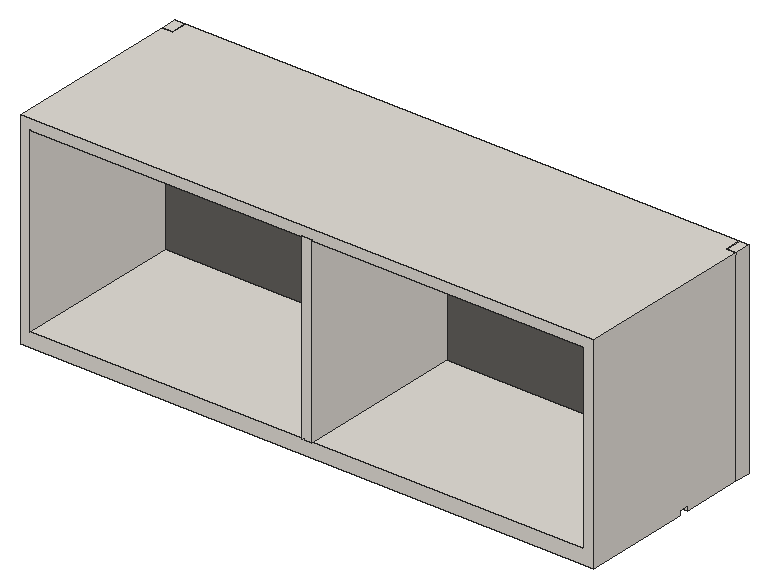
Revit family "Storage-Teknion-CEUO-Upper_Cabinet_Open-Expansion_Casework+-R2023", category Furniture, Revit 2023
Family settings
  OmniClass Number = 23.40.20.00
  OmniClass Title = General Furniture and Specialties
  Work Plane-Based = No
  Enable Cutting in Views = No
  Always vertical = Yes
  Cut with Voids When Loaded = No
  Render Appearance Source = Family Geometry
  Shared = Yes
  Room Calculation Point = No
Parameters (values of type "Open Upper Cabinet")
  Width [instance] = 42.000"
  Warranty = "http://www.teknion.com/ca/papers/legal-canada"
  Unit Weight URL = "http://www.teknion.com/ca/tools/assets#&asset=bee6a381-b954-425e-8283-5a2de3a804f2,f828d448-4b62-4231-9e5f-9a8991c0ed77"
  URL = "www.teknion.com"
  To render please download texture images found here [instance] = "https://assets.teknion.com/web/5e81352c1dfdb467/revit-material-swatches/"
  Sustainability Data = "https://www.teknion.com/ca/tools/assets#&topic=216f99a5-57a0-44fc-b10a-9dee9b29ae4c&asset=444deb64-fe58-4b68-981e-f75e97781df7,b4ff2d81-9f2e-437d-9659-7cffb09c31cf"
  Series = "Exapnsion Casework +"  # constant formula
  NOTES d) [instance] = "When Light Management (L/R) is specified, Integrated End Panel (B), (L/R) are not available"  # constant formula
  NOTES c) [instance] = "When Light Management (B) is specified, Integrated End Panel (B), (L), (R) are not available"  # constant formula
  NOTES a) [instance] = "When Width 12 or 15 with Height 15 are specified, Light Management (L) Groove Connection - Left or (R) Groove Connection - Right are not available"  # constant formula
  NOTES b) [instance] = "When Width 12, 15, 18 or 21 is specified, Light Management (X) Groove Connection - None is not available"  # constant formula
  (N) No Light Management [instance] = and(not([(B) Groove Connection Both Sides]), not([(L/R) Groove Connection One Side]), not([(X) Groove Connection - None]))  # no
  (R) End Panel - Right Side [instance] = no
  Product Page URL = "https://www.teknion.com/ca/products/product-details?productLineId=30ca1270-8e7a-673b-a6c8-ff05004460c4"
  Product Line = "Upper Cabinets"  # constant formula
  Product Documentation Link = "https://www.teknion.com/pricing/expansion-casework/pdfs/CEUO_ppg.pdf"
  Part Number = "CEUO"  # constant formula
  (X) Groove Connection - None [instance] = no
  (N) No End Panel [instance] = and(not([(B) End Panel - Both Sides]), not([(L) End Panel - Left Side]), not([(R) End Panel - Right Side]))  # no
  Model = "CEUO_________"  # constant formula
  Manufacturer Phone = "416-661-3370"  # constant formula
  Manufacturer Fax = "416.661.4586"  # constant formula
  Manufacturer Contact Information = "http://www.teknion.com/ca/contactus"
  Manufacturer Address = "1150 Flint Road, Toronto, ON. M3J 2J5. Canada"  # constant formula
  Manufacturer = "Teknion"  # constant formula
  Light Management Options [instance] = " Pick One Option Only"  # constant formula
  (L/R) Groove Connection One Side [instance] = no
  (L) End Panel - Left Side [instance] = no
  Integrated End Panel [instance] = " Pick One Option Only"  # constant formula
  How To Use Teknion Materials User Guide [instance] = "https://assets.teknion.com/m/205dd0a49fa58060/original/How-to-add-a-Material-Library-and-Texture-Images-to-your-Revit-project.pdf"
  Height [instance] = 15.000"
  For Additional Finishes please visit [instance] = "https://assets.teknion.com/m/44a8009b046e5d47/original/Teknion_Materials_Library.zip"
  Dim 2 [instance] = if(Height = 33.000", 10.850", if(Height = 36.000", 12.350", if(Height = 42.000", 15.350", 20.000")))  # 20.000"
  Dim 1 [instance] = if(Height = 33.000", 10.150", if(Height = 36.000", 11.650", if(Height = 42.000", 14.650", 21.060")))  # 21.060"
  Description = "Upper Cabinet - Open"  # constant formula
  Depth [instance] = 15.000"
  Default Elevation = 0.000"
  D [instance] = Width > 38.000"  # yes
  Case Finish [instance] = Source Laminate - Teknion - XS - Storm White
  Back Panel Finish [instance] = Veneer-Teknion-LQ-Natural_Veneer_V3-Poppy_Seed_Flat_Cut
  (B) Groove Connection Both Sides [instance] = yes
  (B) End Panel - Both Sides [instance] = yes
  Available Width [instance] = "12, 15, 18, 21, 24, 27, 30, 33, 36, 39, 42, 45, 48, 51, 54, 57 & 60 Inches"  # constant formula
  Available Height [instance] = " 15, 24, 27, 30, 33, 36 & 42 Inches"  # constant formula
  Available Depth [instance] = " 12 & 15 Inches"  # constant formula
  Assembly Code = "E2020200"
  Actual Depth [instance] = if(Depth = 12.000", 11.161", 14.161")  # 14.161"
  2 [instance] = Height > 32.000"  # no
  1 [instance] = and(Height > 23.000", Height < 31.000")  # no
Reference planes (in)
  plane 1 "Center Front/Back": y = 0
  plane 2: z = 0
  plane 3 "Center Left/Right": x = 0
  plane 4 "Left": x = -21
  plane 5 "Right": x = 21
  plane 6 "Back": y = 7.0805
  plane 7 "Front": y = -7.0805
  plane 8 "Top": z = 15
  plane 9 "1": z = 7.5
  plane 10 "2": z = -6.06
  plane 11: y = 1.16748
  plane 12 "3": z = 20
  plane 13: y = 1.16748
  plane 14: y = 1.16748
Forms (in)
  Sweep 1, solid, material "Source Laminate - Teknion - XS - Storm White" <- "Case Finish"
    path origin (0, 0, 0) x (1, 0, 0) y (0, 0, 1)
      loop
        line (0, 15) -> (0, 0)
    profile origin (0, 0, 7.5) x (0, -1, 0) y (1, 0, 0)
      loop
        line (7.0805, -21) -> (7.0805, 21) -> (-5.96239, 21) -> (-5.96239, -21) -> (7.0805, -21)
  Sweep 2, void
    path origin (0, 0, 0) x (1, 0, 0) y (0, 1, 0)
      loop
        line (0, -7.0805) -> (0, 5.96239)
    profile origin (0, -0.55906, 0) x (-1, 0, 0) y (0, 0, 1)
      loop
        line (20.29921, 14.29921) -> (-20.29921, 14.29921) -> (-20.29921, 1.01575) -> (20.29921, 1.01575) -> (20.29921, 14.29921)
  Extrusion 3, solid, material "Source Laminate - Teknion - XS - Storm White" <- "Case Finish"
    sketch origin (21, 5.96239, 15) x (0, 0, -1) y (-1, 0, 0)
      loop
        line (0.70079, 0.70079) -> (0.70079, 41.29921) -> (0, 41.29921) -> (0, 0.70079) -> (0.70079, 0.70079)
    from 0 to 1.11811
  Sweep 4, solid, material "Source Laminate - Teknion - XS - Storm White" <- "Case Finish", visible <- "2"
    path origin (0, 0, 0) x (1, 0, 0) y (0, 1, 0)
      loop
        line (0, 5.26139) -> (0, -7.0805)
    profile origin (0, -0.90956, 0) x (1, 0, 0) y (0, 0, 1)
      loop
        line (-20.29921, 19.29921) -> (20.29921, 19.29921) -> (20.29921, 20) -> (-20.29921, 20) -> (-20.29921, 19.29921)
      loop
        line (-20.29921, -6.76079) -> (20.29921, -6.76079) -> (20.29921, -6.06) -> (-20.29921, -6.06) -> (-20.29921, -6.76079)
  Sweep 5, solid, material "Source Laminate - Teknion - XS - Storm White" <- "Case Finish", visible <- "1"
    path origin (0, 0, 0) x (1, 0, 0) y (0, 1, 0)
      loop
        line (15, 5.2616) -> (15, -7.0805)
    profile origin (15, -0.90945, 0) x (1, 0, 0) y (0, 0, 1)
      loop
        line (-35.29921, 6.79921) -> (5.29921, 6.79921) -> (5.29921, 7.5) -> (-35.29921, 7.5) -> (-35.29921, 6.79921)
  Sweep 6, solid, material "Source Laminate - Teknion - XS - Storm White" <- "Case Finish", visible <- "D"
    path origin (0, 0, 0) x (1, 0, 0) y (0, 1, 0)
      loop
        line (0, 5.2616) -> (0, -7.0805)
    profile origin (0, -0.90945, 0) x (1, 0, 0) y (0, 0, 1)
      loop
        line (0.35039, 14.29921) -> (-0.35039, 14.29921) -> (-0.35039, 1.01575) -> (0.35039, 1.01575) -> (0.35039, 14.29921)
  Sweep 7, solid, material "Source Laminate - Teknion - XS - Storm White" <- "Case Finish", visible <- "(L) End Panel - Left Side"
    path origin (0, 0, 0) x (1, 0, 0) y (0, 0, 1)
      loop
        line (0, 15) -> (0, 0)
    profile origin (0, 0, 7.5) x (0, -1, 0) y (1, 0, 0)
      loop
        line (-7.0805, -21) -> (-5.96239, -21) -> (-5.96239, -20.29921) -> (-7.0805, -20.29921) -> (-7.0805, -21)
  Sweep 8, solid, material "Source Laminate - Teknion - XS - Storm White" <- "Case Finish", visible <- "(R) End Panel - Right Side"
    path origin (0, 0, 0) x (-1, 0, 0) y (0, 0, -1)
      loop
        line (0, -15) -> (0, 0)
    profile origin (0, 0, 7.5) x (0, -1, 0) y (1, 0, 0)
      loop
        line (-7.0805, 21) -> (-7.0805, 20.29921) -> (-5.96239, 20.29921) -> (-5.96239, 21) -> (-7.0805, 21)
  Sweep 9, void
    path origin (0, 0, 0) x (1, 0, 0) y (0, 0, 1)
      loop
        line (0, 0) -> (0, 0.33465)
    profile origin (0, 0, 0.16732) x (-1, 0, 0) y (0, -1, 0)
      loop
        arc (18.445, -1.5415) -> (18.81902, -1.16748) -> (18.445, -0.79347) r 0.37402
        line (18.445, -0.79347) -> (-21, -0.79347) -> (-21, -1.5415) -> (18.445, -1.5415)
  Sweep 10, solid, material "Source Laminate - Teknion - XS - Storm White" <- "Case Finish", visible <- "(B) End Panel - Both Sides"
    path origin (0, 2.75, 0) x (1, 0, 0) y (0, 0, 1)
      loop
        line (0, 15) -> (0, 0)
    profile origin (0, 2.75, 7.5) x (0, -1, 0) y (1, 0, 0)
      loop
        line (-4.3305, -21) -> (-3.21239, -21) -> (-3.21239, -20.29921) -> (-4.3305, -20.29921) -> (-4.3305, -21)
      loop
        line (-4.3305, 21) -> (-4.3305, 20.29921) -> (-3.21239, 20.29921) -> (-3.21239, 21) -> (-4.3305, 21)
  Sweep 11, solid, material "Veneer-Teknion-LQ-Natural_Veneer_V3-Poppy_Seed_Flat_Cut" <- "Back Panel Finish"
    path origin (0, 0, 0) x (1, 0, 0) y (0, 0, 1)
      loop
        line (0, 14.29921) -> (0, 1.01575)
    profile origin (0, 0, 7.65748) x (0, -1, 0) y (1, 0, 0)
      loop
        line (-5.96239, -20.29921) -> (-5.26139, -20.29921) -> (-5.26139, 20.29921) -> (-5.96239, 20.29921) -> (-5.96239, -20.29921)
  Sweep 12, void
    path origin (0, -2.75, 0) x (1, 0, 0) y (0, 0, 1)
      loop
        line (0, 0) -> (0, 0.33465)
    profile origin (0, -2.75, 0.16732) x (-1, 0, 0) y (0, -1, 0)
      loop
        arc (18.445, -4.2915) -> (18.81902, -3.91748) -> (18.445, -3.54347) r 0.37402
        line (18.445, -3.54347) -> (-18.445, -3.54347)
        arc (-18.445, -3.54347) -> (-18.81902, -3.91748) -> (-18.445, -4.2915) r 0.37402
        line (-18.445, -4.2915) -> (18.445, -4.2915)
  Sweep 13, void
    path origin (0, 0, 0) x (1, 0, 0) y (0, 0, 1)
      loop
        line (0, 0) -> (0, 0.33465)
    profile origin (0, 0, 0.16732) x (-1, 0, 0) y (0, -1, 0)
      loop
        line (21, -1.5415) -> (21, -0.79347) -> (-21, -0.79347) -> (-21, -1.5415) -> (21, -1.5415)
Cuts and joins
  Sweep 2, Sweep 9, Sweep 12, Sweep 13 cuts Sweep 1
  Sweep 9, Sweep 12, Sweep 13 cuts Extrusion 3
  joined: Sweep 1, Extrusion 3
Lines and regions (in)
  Masking region 1, visible <- "(B) End Panel - Both Sides"
    outline origin (0, 0, 0) x (1, 0, 0) y (0, 1, 0)
      loop
        line (-21, 7.0805) -> (-21, -7.0805) -> (21, -7.0805) -> (21, 7.0805) -> (-21, 7.0805)
  Masking region 2, visible <- "(N) No End Panel"
    outline origin (0, 0, 0) x (1, 0, 0) y (0, 1, 0)
      loop
        line (-21, 5.96239) -> (-21, -7.0805) -> (21, -7.0805) -> (21, 5.96239) -> (20.29921, 5.96239) -> (20.29921, 7.0805) -> (-20.29921, 7.0805) -> (-20.29921, 5.96239) -> (-21, 5.96239)
  Masking region 3, visible <- "(L) End Panel - Left Side"
    outline origin (0, 0, 0) x (1, 0, 0) y (0, 1, 0)
      loop
        line (-21, 7.0805) -> (-21, -7.0805) -> (21, -7.0805) -> (21, 5.96239) -> (20.29921, 5.96239) -> (20.29921, 7.0805) -> (-21, 7.0805)
  Masking region 4, visible <- "(R) End Panel - Right Side"
    outline origin (0, 0, 0) x (1, 0, 0) y (0, 1, 0)
      loop
        line (21, -7.0805) -> (21, 7.0805) -> (-20.29921, 7.0805) -> (-20.29921, 5.96239) -> (-21, 5.96239) -> (-21, -7.0805) -> (21, -7.0805)
  symbolic lines, style "FurnitureHiddenLines", detail levels medium+fine
    curve 1: line (20.29921, -7.0805, 0) -> (20.29921, 7.0805, 0)
    curve 3: line (-20.29921, 5.26139, 0) -> (20.29921, 5.26139, 0)
    curve 4: line (-20.29921, 5.26139, 0) -> (20.29921, 5.26139, 0)
    curve 9: line (-20.29921, 7.0805, 0) -> (-20.29921, -7.0805, 0)
  symbolic lines, style "FurnitureHiddenLines", visible <- "(B) End Panel - Both Sides", detail levels medium+fine
    curve 2: line (-20.29921, 7.0805, 0) -> (-20.29921, -7.0805, 0)
  symbolic lines, style "FurnitureHiddenLines", visible <- "(N) No End Panel"
    curve 5: line (-20.29921, 5.26139, 0) -> (-20.29921, -7.0805, 0)
    curve 6: line (20.29921, -7.0805, 0) -> (20.29921, 5.26139, 0)
  symbolic lines, style "FurnitureHiddenLines", visible <- "D", detail levels medium+fine
    curve 7: line (-0.35039, 5.26139, 0) -> (-0.35039, -7.0805, 0)
    curve 8: line (0.35039, -7.0805, 0) -> (0.35039, 5.26139, 0)
  symbolic lines, style "FurnitureHiddenLines", not visible
    curve 10: line (20.29921, -7.0805, 0) -> (20.29921, 7.0805, 0)
  symbolic lines, style "FurnitureHiddenLines", visible <- "(X) Groove Connection - None"
    curve 11: line (18.445, 1.5415, 0) -> (-18.445, 1.5415, 0)
    curve 12: arc (-18.445, 1.5415, 0) -> (-18.81902, 1.16748, 0) -> (-18.445, 0.79347, 0) r 0.37402
    curve 13: line (-18.445, 0.79347, 0) -> (18.445, 0.79347, 0)
    curve 14: arc (18.445, 0.79347, 0) -> (18.81902, 1.16748, 0) -> (18.445, 1.5415, 0) r 0.37402
  symbolic lines, style "FurnitureHiddenLines", visible <- "(L/R) Groove Connection One Side"
    curve 15: line (21, 1.5415, 0) -> (-18.445, 1.5415, 0)
    curve 16: arc (-18.445, 1.5415, 0) -> (-18.81902, 1.16748, 0) -> (-18.445, 0.79347, 0) r 0.37402
    curve 17: line (-18.445, 0.79347, 0) -> (21, 0.79347, 0)
  reference lines
    curve 18: line (-21, 7.0805, 0) -> (-21, -7.0805, 0)
    curve 19: line (-21, -7.0805, 0) -> (21, -7.0805, 0)
    curve 20: line (21, -7.0805, 0) -> (21, 7.0805, 0)
    curve 21: line (21, 7.0805, 0) -> (-21, 7.0805, 0)
  symbolic lines, style "FurnitureHiddenLines", visible <- "(B) Groove Connection Both Sides", detail levels medium+fine
    curve 22: line (21, 1.5415, 0) -> (-21, 1.5415, 0)
    curve 23: line (-21, 0.79347, 0) -> (21, 0.79347, 0)
Dimensions and locks (in)
  "Width": plane 4 "Left" to plane 5 "Right"
  "Actual Depth": plane 6 "Back" to plane 7 "Front"
  "Height": plane 8 "Top" to level
  locked: plane 6 "Back" to Sweep 1 sketch curve at 1.11811
  locked: plane 6 "Back" to Sweep 2 sketch curve at 1.11811
  locked: Sweep 2 sketch curve to plane 4 "Left" at 0.70079
  locked: Sweep 2 sketch curve to plane 5 "Right" at 0.70079
  locked: Sweep 2 sketch curve to plane 2 at 1.01575
  locked: Extrusion 3 sketch curve to plane 4 "Left" at 0.70079
  locked: Extrusion 3 sketch curve to plane 5 "Right" at 0.70079
  locked: plane 8 "Top" to Extrusion 3 sketch curve at 0.70079
  equal spacing: plane 4 "Left", plane 3 "Center Left/Right", plane 5 "Right"
  equal spacing: plane 6 "Back", plane 1 "Center Front/Back", plane 7 "Front"
  locked: plane 8 "Top" to Sweep 2 sketch curve at 0.70079
  locked: Sweep 4 sketch curve to plane 4 "Left" at 0.70079  (x2)
  locked: plane 5 "Right" to Sweep 4 sketch curve at 0.70079
  locked: Sweep 5 sketch curve to plane 4 "Left" at 0.70079
  locked: Sweep 5 sketch curve to plane 5 "Right" at 0.70079
  equal spacing: plane 8 "Top", plane 9 "1", plane 2
  locked: plane 9 "1" to Sweep 5 sketch curve at 0.70079
  locked: plane 10 "2" to Sweep 4 sketch curve at 0.70079
  locked: Sweep 4 sketch curve to plane 5 "Right" at 0.70079
  locked: plane 6 "Back" to Sweep 6 sketch curve at 1.8189
  Sweep 6 sketch curve to plane 3 "Center Left/Right" to Sweep 6 sketch curve = 0.35039" locked, 0.35039" locked
  locked: Sweep 6 sketch curve to plane 2 at 1.01575
  locked: Sweep 9 sketch curve to plane 2 at 0.33465
  locked: plane 4 "Left" to Sweep 9 sketch curve at 2.555
  locked: plane 6 "Back" to plane 11 at 5.91302
  Sweep 9 sketch curve to plane 11 to Sweep 9 sketch curve = 0.37402" locked, 0.37402" locked
  locked: plane 8 "Top" to Sweep 11 sketch curve at 0.70079
  locked: Sweep 11 sketch curve to plane 2 at 1.01575
  plane 6 "Back" to Sweep 11 sketch curve to Sweep 11 sketch curve = 1.11811" locked, 0.701" locked
  locked: plane 4 "Left" to Sweep 11 sketch curve at 0.70079
  locked: Sweep 11 sketch curve to plane 5 "Right" at 0.70079
  "Dim 1": plane 8 "Top" to plane 10 "2"
  "Dim 2": plane 12 "3" to plane 2
  Sweep 12 sketch curve to plane 13 to Sweep 12 sketch curve = 0.37402" locked, 0.37402" locked
  locked: plane 4 "Left" to Sweep 12 sketch curve at 2.555
  locked: Sweep 12 sketch curve to plane 5 "Right" at 2.555
  locked: plane 6 "Back" to plane 13 at 5.91302
  Sweep 13 sketch curve to plane 14 to Sweep 13 sketch curve = 0.37402" locked, 0.37402" locked
  locked: plane 6 "Back" to plane 14 at 5.91302
  locked: Sweep 13 sketch curve to plane 2 at 0.33465
  locked: Sweep 12 sketch curve to plane 2 at 0.33465
  locked: plane 12 "3" to Sweep 4 sketch curve at 0.70079
  locked: plane 3 "Center Left/Right" to Sweep 5 sketch curve at 15
  locked: plane 6 "Back" to Sweep 5 sketch curve at 1.8189
  locked: plane 6 "Back" to Sweep 4 sketch curve at 1.81911
  aligned and locked: level to plane 2
  aligned and locked: Sweep 1 sketch curve to plane 3 "Center Left/Right"
  aligned and locked: plane 2 to Sweep 1 sketch curve
  aligned and locked: plane 8 "Top" to Sweep 1 sketch curve
  aligned and locked: Sweep 1 sketch curve to plane 7 "Front"
  aligned and locked: plane 4 "Left" to Sweep 1 sketch curve
  aligned and locked: plane 5 "Right" to Sweep 1 sketch curve
  aligned and locked: plane 3 "Center Left/Right" to Sweep 2 sketch curve
  aligned and locked: plane 7 "Front" to Sweep 2 sketch curve
  aligned and locked: Extrusion 3 sketch curve to plane 8 "Top"
  aligned and locked: plane 7 "Front" to Sweep 4 sketch curve
  aligned and locked: Sweep 4 sketch curve to plane 3 "Center Left/Right"
  aligned and locked: Sweep 5 sketch curve to plane 9 "1"
  aligned and locked: Sweep 4 sketch curve to plane 10 "2"
  aligned and locked: Sweep 6 sketch curve to plane 3 "Center Left/Right"
  aligned and locked: plane 7 "Front" to Sweep 6 sketch curve
  aligned and locked: cut or joined group of Sweep 1, Sweep 2, Extrusion 3, Sweep 9, Sweep 12, Sweep 13 to Sweep 6 sketch curve
  aligned and locked: Sweep 7 sketch curve to plane 3 "Center Left/Right"
  aligned and locked: plane 8 "Top" to Sweep 7 sketch curve
  aligned and locked: plane 2 to Sweep 7 sketch curve
  aligned and locked: cut or joined group of Sweep 1, Sweep 2, Extrusion 3, Sweep 9, Sweep 12, Sweep 13 to Sweep 7 sketch curve
  aligned and locked: Sweep 7 sketch curve to cut or joined group of Sweep 1, Sweep 2, Extrusion 3, Sweep 9, Sweep 12, Sweep 13
  aligned and locked: Sweep 7 sketch curve to plane 6 "Back"
  aligned and locked: plane 4 "Left" to Sweep 7 sketch curve
  aligned and locked: Sweep 8 sketch curve to cut or joined group of Sweep 1, Sweep 2, Extrusion 3, Sweep 9, Sweep 12, Sweep 13  (x2)
  aligned and locked: Sweep 8 sketch curve to plane 5 "Right"
  aligned and locked: plane 6 "Back" to Sweep 8 sketch curve
  aligned and locked: plane 3 "Center Left/Right" to Sweep 9 sketch curve
  aligned and locked: plane 2 to Sweep 9 sketch curve
  aligned and locked: Sweep 9 sketch curve to plane 5 "Right"
  aligned and locked: Sweep 10 sketch curve to plane 6 "Back"
  aligned and locked: plane 4 "Left" to Sweep 10 sketch curve
  aligned and locked: Sweep 10 sketch curve to cut or joined group of Sweep 1, Sweep 2, Extrusion 3, Sweep 9, Sweep 12, Sweep 13  (x3)
  aligned and locked: cut or joined group of Sweep 1, Sweep 2, Extrusion 3, Sweep 9, Sweep 12, Sweep 13 to Sweep 10 sketch curve
  aligned and locked: Sweep 10 sketch curve to plane 5 "Right"
  aligned and locked: plane 6 "Back" to Sweep 10 sketch curve
  aligned and locked: Sweep 11 sketch curve to plane 3 "Center Left/Right"
  aligned and locked: Masking region 1 sketch curve to cut or joined group of Sweep 1, Sweep 2, Extrusion 3, Sweep 9, Sweep 12, Sweep 13  (x4)
  aligned and locked: curve 1 to cut or joined group of Sweep 1, Sweep 2, Extrusion 3, Sweep 9, Sweep 12, Sweep 13
  aligned and locked: curve 2 to cut or joined group of Sweep 1, Sweep 2, Extrusion 3, Sweep 9, Sweep 12, Sweep 13
  aligned and locked: curve 3 to Sweep 4
  aligned and locked: curve 4 to Sweep 11
  aligned and locked: Masking region 2 sketch curve to cut or joined group of Sweep 1, Sweep 2, Extrusion 3, Sweep 9, Sweep 12, Sweep 13  (x7)
  aligned and locked: cut or joined group of Sweep 1, Sweep 2, Extrusion 3, Sweep 9, Sweep 12, Sweep 13 to Masking region 2 sketch curve
  aligned and locked: curve 5 to Sweep 4
  aligned and locked: curve 6 to Sweep 4
  aligned and locked: Sweep 6 to curve 7
  aligned and locked: curve 8 to Sweep 6
  aligned and locked: curve 10 to Sweep 4
  aligned and locked: plane 6 "Back" to curve 10
  aligned and locked: plane 6 "Back" to curve 9
  aligned and locked: plane 7 "Front" to curve 9
  aligned and locked: plane 7 "Front" to curve 10
  aligned and locked: Masking region 3 sketch curve to Masking region 2  (x6)
  aligned and locked: Masking region 4 sketch curve to Masking region 2  (x6)
  aligned and locked: plane 4 "Left" to nested 1
  aligned and locked: nested 1 to plane 6 "Back"
  aligned and locked: nested 2 to plane 5 "Right"
  aligned and locked: nested 2 to plane 6 "Back"
  aligned and locked: plane 7 "Front" to nested 4
  aligned and locked: nested 4 to plane 5 "Right"
  aligned and locked: plane 7 "Front" to nested 3
  aligned and locked: plane 4 "Left" to nested 3
  aligned and locked: curve 12 to Sweep 12
  aligned and locked: curve 14 to Sweep 12
  aligned and locked: curve 15 to Sweep 9
  aligned and locked: curve 16 to Sweep 9
  aligned and locked: curve 18 to Masking region 1
  aligned and locked: curve 19 to Masking region 1
  aligned and locked: curve 20 to Masking region 1
  aligned and locked: curve 21 to Masking region 1
  aligned and locked: plane 4 "Left" to Sweep 13 sketch curve
  aligned and locked: Sweep 13 sketch curve to plane 4 "Left"
  aligned and locked: curve 22 to cut or joined group of Sweep 1, Sweep 2, Extrusion 3, Sweep 9, Sweep 12, Sweep 13
  aligned and locked: curve 23 to cut or joined group of Sweep 1, Sweep 2, Extrusion 3, Sweep 9, Sweep 12, Sweep 13
  aligned and locked: plane 3 "Center Left/Right" to Sweep 13 sketch curve
  aligned and locked: plane 2 to Sweep 13 sketch curve
  aligned and locked: plane 3 "Center Left/Right" to Sweep 12 sketch curve
  aligned and locked: plane 2 to Sweep 12 sketch curve
  aligned and locked: Sweep 4 sketch curve to plane 12 "3"
  aligned and locked: Sweep 10 sketch curve to plane 3 "Center Left/Right"
  aligned and locked: plane 2 to Sweep 10 sketch curve
  aligned and locked: plane 8 "Top" to Sweep 10 sketch curve
  aligned and locked: Sweep 13 sketch curve to plane 5 "Right"
  aligned and locked: Sweep 8 sketch curve to plane 3 "Center Left/Right"
  aligned and locked: plane 2 to Sweep 8 sketch curve
  aligned and locked: plane 8 "Top" to Sweep 8 sketch curve
  aligned and locked: plane 7 "Front" to Sweep 5 sketch curve
Automatic sketch dimensions
  curve 17 to plane 5 "Right" = 0.000"
  curve 15 to plane 5 "Right" = 0.000"
  plane 7 "Front" to curve 1 = 0.000"
  plane 7 "Front" to curve 2 = 0.000"
  plane 7 "Front" to curve 8 = 0.000"
  plane 7 "Front" to curve 7 = 0.000"
  plane 7 "Front" to curve 6 = 0.000"
  plane 7 "Front" to curve 5 = 0.000"
  curve 2 to plane 6 "Back" = 0.000"
  curve 1 to plane 6 "Back" = 0.000"
  curve 9 to curve 2 = 0.000"
  curve 18 to plane 4 "Left" = 0.000"
  curve 20 to plane 5 "Right" = 0.000"
  plane 7 "Front" to curve 18 = 0.000"
  curve 20 to plane 6 "Back" = 0.000"
  curve 22 to plane 4 "Left" = 0.000"
  curve 22 to plane 5 "Right" = 0.000"
  curve 23 to plane 4 "Left" = 0.000"
  curve 23 to plane 5 "Right" = 0.000"
Nested families (in)
  nested 1: "Teknion_2D_Node_Family-R2021" at (-21, 7.0805, 0), type "Teknion_2D_Node_Family-R2021"
  nested 2: "Teknion_2D_Node_Family-R2021" at (21, 7.0805, 0), type "Teknion_2D_Node_Family-R2021"
  nested 3: "Teknion_2D_Node_Family-R2021" at (-21, -7.0805, 0), type "Teknion_2D_Node_Family-R2021"
  nested 4: "Teknion_2D_Node_Family-R2021" at (21, -7.0805, 0), type "Teknion_2D_Node_Family-R2021"
Definition of nested family "Teknion_2D_Node_Family-R2021"
  Reference planes (in)
    plane 1 "Center (Front/Back)": y = 0
    plane 2: z = 0
    plane 3 "Center (Left/Right)": x = 0
  Lines and regions (in)
    detail lines, in view "Ref. Level"
      curve 1: circle (0, 0, 0) r 1.25 normal (0, 0, 1)
      curve 2: line (1.91508, -1.91508, 0) -> (-1.91508, 1.91508, 0)
      curve 3: line (-1.91508, -1.91508, 0) -> (1.91508, 1.91508, 0)
